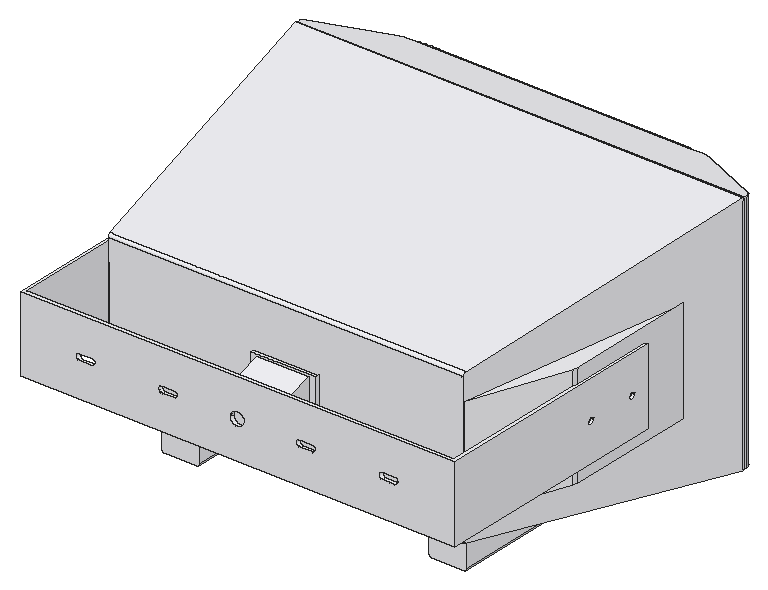
Revit family "EVID-S10.1D", category Communication Devices, Revit 2017
Family settings
  Maintain Annotation Orientation = Yes
  Round Connector Dimension = Use Diameter
  Part Type = Normal
  OmniClass Number = 23.85.10.11.11.21
  OmniClass Title = Speakers
  Work Plane-Based = Yes
  Always vertical = Yes
  Cut with Voids When Loaded = No
  Shared = No
  Room Calculation Point = No
Parameters (values of type "EVIDS10.1DW_Subwoofer_2x10"_Cabinet_White")
  Version = "1"
  Uniclass2015Code = "Pr_60_75_08_02"
  URL = ""
  ProductInformation = "https://www.electrovoice.com/binary/EVID-S10.1D_Subwoofer_2x10__cabinet_Datasheet_51_en_28168803851.pdf"
  PlanningTools = "https://www.electrovoice.com/product.php?id=2639"
  ModelNumber = "F.01U.332.745"
  Model = ""
  MaterialRALColour = "RAL9003"
  ManufacturerURL = "https://www.electrovoice.com"
  Manufacturer = "Electro Voice"
  LoudspeakerMaterial = 13-plyWeather-resistantBirchEVCoat -RAL9003
  Height = 360.50 mm  # constant formula
  Default Elevation = 0.00 mm
  InstallationManual = "https://www.electrovoice.com/binary/EVID-S10.1D_Subwoofer_2x10__cabinet_Datasheet_51_en_28168803851.pdf"
  IfcExportType = "IfcBuildingElementProxyType"
  IfcExportAs = "IfcBuildingElementProxy"
  Length = 650.70 mm  # constant formula
  GrillMaterial = 16GA Powder-coatedGalvanneal - W
  Disclaimer = "http://resource.boschsecurity.com/information/BIM/Disclaimer_Electrovoice.pdf"
  Description = "Two 10 inch high-excursion woofers. Carefully engineered for outdoor environments (IP54 nad IP65), without compromising performance. 400 W power handling provides for 120 dB maximum SPL (126 dB peak). 70/100 V transformer input panel accessory available. Crossover input panel accessory available."
  Depth = 490.80 mm  # constant formula
  CTN = "EVIDS10.1DW"
  ArchitectsAndEngineersSpecs = "https://www.electrovoice.com/binary/EVID-S10.1D_Subwoofer_2x10__cabinet_Datasheet_51_en_28168803851.pdf"
Types (2, lengths in mm): name | ModelNumber | MaterialRALColour | LoudspeakerMaterial | GrillMaterial | CTN
  EVIDS10.1DB_Subwoofer_2x10"_Cabinet_Black | "F.01U.332.744" | "RAL9004" | 13-plyWeather-resistantBirchEVCoat -RAL9004 | 16GA Powder-coatedGalvanneal - B | "EVIDS10.1DB"
  EVIDS10.1DW_Subwoofer_2x10"_Cabinet_White | "F.01U.332.745" | "RAL9003" | 13-plyWeather-resistantBirchEVCoat -RAL9003 | 16GA Powder-coatedGalvanneal - W | "EVIDS10.1DW"
Reference planes
  plane 1 "Center (Front/Back)": y = 0
  plane 2: z = 0
  plane 3 "Center (Left/Right)": x = 0
Forms (mm)
  Extrusion 1, solid, material "13-plyWeather-resistantBirchEVCoat -RAL9003" <- "LoudspeakerMaterial"
    sketch origin (-325.35, 0, 0) x (0, 1, 0) y (0, 0, 1)
      loop
        line (92.215, -111.294) -> (511.8, -178) -> (511.8, -175.75) -> (513.8, -175.75) -> (513.8, 175.75) -> (511.8, 175.75) -> (511.8, 178.126) -> (92.218, 111.421)
        arc (92.218, 111.421) -> (89.198, 109.728) -> (88, 106.479) r 5.003
        line (88, 106.479) -> (88, -106.356)
        arc (88, -106.356) -> (89.197, -109.602) -> (92.215, -111.294) r 5
    from 0 to 650.7
  Extrusion 2, void
    sketch origin (0, 0, -177.75) x (1, 0, 0) y (0, 1, 0)
      loop
        line (-325.35, 511.8) -> (-327.35, 511.8) -> (-327.35, 86.5) -> (-257.989, 86.5) -> (-325.35, 511.8)
      loop
        line (325.35, 511.8) -> (257.989, 86.5) -> (327.35, 86.5) -> (327.35, 511.8) -> (325.35, 511.8)
    from -1.331 to 360
  Extrusion 3, solid, material "13-plyWeather-resistantBirchEVCoat -RAL9003" <- "LoudspeakerMaterial"
    sketch origin (0, 0, -180) x (1, 0, 0) y (0, 1, 0)
      loop
        line (-325.35, 513.8) -> (325.35, 513.8) -> (325.35, 518.917)
        arc (325.35, 518.917) -> (324.178, 523.085) -> (321.007, 526.032) r 8
        line (321.007, 526.032) -> (231.122, 572.227)
        arc (231.122, 572.227) -> (222.283, 575.647) -> (212.924, 577.141) r 45
        arc (212.924, 577.141) -> (181.473, 578.385) -> (150, 578.8) r 1193.834
        line (150, 578.8) -> (-150, 578.8)
        arc (-150, 578.8) -> (-181.473, 578.385) -> (-212.924, 577.141) r 1193.834
        arc (-212.924, 577.141) -> (-222.283, 575.647) -> (-231.122, 572.227) r 45
        line (-231.122, 572.227) -> (-321.007, 526.032)
        arc (-321.007, 526.032) -> (-324.178, 523.085) -> (-325.35, 518.917) r 8
        line (-325.35, 518.917) -> (-325.35, 513.8)
    from 2.25 to 357.75
  Extrusion 4, void
    sketch origin (0, 0, 0) x (0, 1, 0) y (0, 0, 1)
      loop
        line (577.735, -167.624) -> (509.14, -178.488) -> (594.14, -178.488) -> (594.14, 178.488) -> (509.14, 178.488) -> (577.735, 167.624)
        arc (577.735, 167.624) -> (578.916, 167.135) -> (579.405, 165.954) r 1.67
        line (579.405, 165.954) -> (579.405, 162.359) -> (529.405, 162.359) -> (529.405, -162.359) -> (579.405, -162.359) -> (579.405, -165.954)
        arc (579.405, -165.954) -> (578.916, -167.135) -> (577.735, -167.624) r 1.67
    from -358.965 to 360
  Extrusion 5, solid, material "16GA Powder-coatedGalvanneal - W" <- "GrillMaterial"
    sketch origin (0, 0, 0) x (1, 0, 0) y (0, 1, 0)
      loop
        line (-310.068, 529.405) -> (-305.693, 529.405) -> (-229.293, 568.669)
        arc (-229.293, 568.669) -> (-221.275, 571.776) -> (-212.786, 573.142) r 41
        arc (-212.786, 573.142) -> (0, 574.8) -> (212.786, 573.142) r 13657.084
        arc (212.786, 573.142) -> (221.275, 571.776) -> (229.293, 568.669) r 41
        line (229.293, 568.669) -> (305.693, 529.405) -> (310.068, 529.405) -> (230.207, 570.448)
        arc (230.207, 570.448) -> (221.779, 573.712) -> (212.855, 575.141) r 43
        arc (212.855, 575.141) -> (0, 576.8) -> (-212.855, 575.141) r 13659.084
        arc (-212.855, 575.141) -> (-221.779, 573.712) -> (-230.207, 570.448) r 43
        line (-230.207, 570.448) -> (-310.068, 529.405)
    from -162.359 to 162.359
  Extrusion 6, solid, material "13-plyWeather-resistantBirchEVCoat -RAL9003" <- "LoudspeakerMaterial"
    sketch origin (0, 0, -75) x (1, 0, 0) y (0, 1, 0)
      loop
        line (-258.226, 87.998) -> (-311, 421.198) -> (-311, 229.185)
        arc (-311, 229.185) -> (-310.665, 225.54) -> (-309.672, 222.017) r 20
        line (-309.672, 222.017) -> (-258.226, 87.998)
      loop
        line (258.226, 87.998) -> (309.672, 222.017)
        arc (309.672, 222.017) -> (310.665, 225.54) -> (311, 229.185) r 20
        line (311, 229.185) -> (311, 421.198) -> (258.226, 87.998)
    from 0 to 150
  Extrusion 7, solid, material "13-plyWeather-resistantBirchEVCoat -RAL9003" <- "LoudspeakerMaterial"
    sketch origin (0, 485, 0) x (1, 0, 0) y (0, 0, 1)
      loop
        arc (-170.718, -182.374) -> (-167.889, -181.202) -> (-166.718, -178.374) r 4
        line (-166.718, -178.374) -> (-166.718, -115.832) -> (-221.718, -115.832) -> (-221.718, -178.374)
        arc (-221.718, -178.374) -> (-220.546, -181.202) -> (-217.718, -182.374) r 4
        line (-217.718, -182.374) -> (-170.718, -182.374)
      loop
        line (170.718, -182.374) -> (217.718, -182.374)
        arc (217.718, -182.374) -> (220.546, -181.202) -> (221.718, -178.374) r 4
        line (221.718, -178.374) -> (221.718, -115.832) -> (166.718, -115.832) -> (166.718, -178.374)
        arc (166.718, -178.374) -> (167.889, -181.202) -> (170.718, -182.374) r 4
    from 0 to 345
  Extrusion 8, solid, material "13-plyWeather-resistantBirchEVCoat -RAL9003" <- "LoudspeakerMaterial"
    sketch origin (-47.5, 0, 0) x (0, 1, 0) y (0, 0, 1)
      loop
        line (87.998, 35) -> (82.998, 35) -> (82.998, -35) -> (87.998, -35) -> (87.998, 35)
    from 0 to 95
  Extrusion 9, solid, material "13-plyWeather-resistantBirchEVCoat -RAL9003" <- "LoudspeakerMaterial"
    sketch origin (-37.5, 0, 0) x (0, 1, 0) y (0, 0, 1)
      loop
        arc (46.5, -2.092) -> (47.002, -4.031) -> (48.38, -5.484) r 4
        line (48.38, -5.484) -> (82.998, -27.115) -> (82.998, 32.094) -> (49.307, 21.568)
        arc (49.307, 21.568) -> (47.277, 20.119) -> (46.5, 17.75) r 4
        line (46.5, 17.75) -> (46.5, -2.092)
    from 0 to 75
  Revolve 10, solid, material "13-plyWeather-resistantBirchEVCoat -RAL9003" <- "LoudspeakerMaterial"
    sketch origin (0, 0, 0) x (0, 1, 0) y (0, 0, 1)
      loop
        line (65.689, -16.3) -> (57.74, -29.02) -> (63.123, -32.384)
        arc (63.123, -32.384) -> (65.126, -32.719) -> (66.778, -31.54) r 2.653
        line (66.778, -31.54) -> (73.321, -21.069) -> (65.689, -16.3)
      axis (65.689, -16.3) -> (57.74, -29.02)
    angle from 0 to 360
Cuts and joins
  Extrusion 2 cuts Extrusion 1
  Extrusion 4 cuts Extrusion 3
Lines and regions (mm)
  reference lines
    curve 1: line (0, 485.058, -182.374) -> (0, 485.358, -182.374)
    curve 2: line (0, 512.108, 178.126) -> (0, 512.408, 178.126)
    curve 3: line (0, 578.8, -162.359) -> (0, 578.8, -164.004)
    curve 4: line (-37.5, 46.5, 0) -> (-35.633, 46.5, 0)
Dimensions and locks
  "Height": curve 2 to curve 1
  "Depth": curve 3 to cut or joined group of Extrusion 1, Extrusion 2
  curve 3 to nested 1 = 578.80 mm
  curve 4 to cut or joined group of Extrusion 3, Extrusion 4 = 532.30 mm
  "Length": cut or joined group of Extrusion 3, Extrusion 4 to cut or joined group of Extrusion 3, Extrusion 4
  nested 1 to nested 1 = 632.00 mm
  equal spacing: cut or joined group of Extrusion 3, Extrusion 4, plane 3 "Center (Left/Right)", cut or joined group of Extrusion 3, Extrusion 4
  aligned and locked: plane 2 to level
Automatic sketch dimensions
  Extrusion 1 sketch curve to plane 1 "Center (Front/Back)" = 88.00 mm
  Extrusion 1 sketch curve to Extrusion 1 sketch curve = 4.215 mm
  Extrusion 1 sketch curve to Extrusion 1 sketch curve = 4.218 mm
  Extrusion 1 sketch curve to Extrusion 1 sketch curve = 5.00 mm
  Extrusion 1 sketch curve to Extrusion 1 sketch curve = 0.786 mm
  level to Extrusion 1 sketch curve = 178.126 mm
  Extrusion 1 sketch curve to Extrusion 1 sketch curve = 419.582 mm
  Extrusion 1 sketch curve to Extrusion 1 sketch curve = 0.00 mm
  Extrusion 1 sketch curve to Extrusion 1 sketch curve = 2.00 mm
  Extrusion 1 sketch curve to Extrusion 1 sketch curve = 2.376 mm
  level to Extrusion 1 sketch curve = 111.421 mm
  Extrusion 1 sketch curve to level = 106.356 mm
  Extrusion 1 sketch curve to level = 175.75 mm
  Extrusion 1 sketch curve to Extrusion 1 sketch curve = 2.25 mm
  Extrusion 2 sketch curve to plane 3 "Center (Left/Right)" = 327.35 mm
  Extrusion 2 sketch curve to Extrusion 2 sketch curve = 2.00 mm
  Extrusion 2 sketch curve to plane 1 "Center (Front/Back)" = 86.50 mm  (x2)
  Extrusion 2 sketch curve to Extrusion 2 sketch curve = 69.361 mm  (x2)
  plane 3 "Center (Left/Right)" to Extrusion 2 sketch curve = 257.989 mm
  plane 3 "Center (Left/Right)" to Extrusion 2 sketch curve = 325.35 mm
  Extrusion 2 sketch curve to Extrusion 2 sketch curve = 425.30 mm  (x2)
  Extrusion 3 sketch curve to plane 3 "Center (Left/Right)" = 325.35 mm
  Extrusion 3 sketch curve to Extrusion 3 sketch curve = 4.343 mm
  Extrusion 3 sketch curve to Extrusion 3 sketch curve = 3.657 mm  (x2)
  Extrusion 3 sketch curve to Extrusion 3 sketch curve = 89.885 mm
  Extrusion 3 sketch curve to Extrusion 3 sketch curve = 20.569 mm  (x2)
  Extrusion 3 sketch curve to plane 3 "Center (Left/Right)" = 150.00 mm
  plane 3 "Center (Left/Right)" to Extrusion 3 sketch curve = 150.00 mm
  Extrusion 3 sketch curve to Extrusion 3 sketch curve = 60.552 mm
  Extrusion 3 sketch curve to Extrusion 3 sketch curve = 86.228 mm
  Extrusion 3 sketch curve to Extrusion 3 sketch curve = 8.00 mm
  plane 1 "Center (Front/Back)" to Extrusion 3 sketch curve = 615.034 mm
  Extrusion 3 sketch curve to Extrusion 3 sketch curve = 0.00 mm
  Extrusion 3 sketch curve to plane 1 "Center (Front/Back)" = 513.80 mm
  Extrusion 3 sketch curve to Extrusion 3 sketch curve = 5.117 mm  (x2)
  Extrusion 3 sketch curve to Extrusion 3 sketch curve = 13.286 mm  (x2)
  Extrusion 3 sketch curve to Extrusion 3 sketch curve = 40.024 mm  (x2)
  Extrusion 3 sketch curve to Extrusion 3 sketch curve = 1.659 mm
  Extrusion 4 sketch curve to level = 178.488 mm
  Extrusion 4 sketch curve to plane 1 "Center (Front/Back)" = 509.14 mm
  level to Extrusion 4 sketch curve = 178.488 mm
  Extrusion 4 sketch curve to Extrusion 4 sketch curve = 0.00 mm
  Extrusion 4 sketch curve to Extrusion 4 sketch curve = 20.265 mm
  Extrusion 4 sketch curve to Extrusion 4 sketch curve = 48.33 mm  (x2)
  Extrusion 4 sketch curve to Extrusion 4 sketch curve = 1.67 mm  (x2)
  Extrusion 4 sketch curve to Extrusion 4 sketch curve = 14.735 mm
  Extrusion 4 sketch curve to Extrusion 4 sketch curve = 10.864 mm
  Extrusion 4 sketch curve to Extrusion 4 sketch curve = 16.129 mm  (x2)
  Extrusion 4 sketch curve to Extrusion 4 sketch curve = 3.595 mm
  Extrusion 5 sketch curve to Extrusion 5 sketch curve = 0.00 mm  (x6)
  Extrusion 5 sketch curve to plane 3 "Center (Left/Right)" = 0.00 mm
  Extrusion 5 sketch curve to plane 3 "Center (Left/Right)" = 210.552 mm
  Extrusion 5 sketch curve to Extrusion 5 sketch curve = 18.741 mm  (x2)
  Extrusion 5 sketch curve to Extrusion 5 sketch curve = 0.914 mm  (x2)
  Extrusion 5 sketch curve to Extrusion 5 sketch curve = 76.40 mm  (x2)
  Extrusion 5 sketch curve to Extrusion 5 sketch curve = 4.375 mm  (x2)
  plane 3 "Center (Left/Right)" to Extrusion 5 sketch curve = 210.552 mm
  plane 1 "Center (Front/Back)" to Extrusion 5 sketch curve = 13082.284 mm
  Extrusion 5 sketch curve to plane 1 "Center (Front/Back)" = 529.405 mm  (x2)
  Extrusion 5 sketch curve to Extrusion 5 sketch curve = 2.798 mm  (x2)
  Extrusion 5 sketch curve to Extrusion 5 sketch curve = 36.466 mm  (x2)
  Extrusion 5 sketch curve to Extrusion 5 sketch curve = 1.779 mm  (x2)
  Extrusion 5 sketch curve to Extrusion 5 sketch curve = 16.508 mm
  Extrusion 5 sketch curve to Extrusion 5 sketch curve = 0.07 mm
  Extrusion 6 sketch curve to plane 3 "Center (Left/Right)" = 311.00 mm
  Extrusion 6 sketch curve to plane 1 "Center (Front/Back)" = 222.017 mm
  Extrusion 6 sketch curve to Extrusion 6 sketch curve = 1.328 mm
  Extrusion 6 sketch curve to Extrusion 6 sketch curve = 20.00 mm  (x2)
  Extrusion 6 sketch curve to plane 1 "Center (Front/Back)" = 87.998 mm  (x2)
  Extrusion 6 sketch curve to Extrusion 6 sketch curve = 51.445 mm
  plane 3 "Center (Left/Right)" to Extrusion 6 sketch curve = 258.226 mm
  Extrusion 6 sketch curve to Extrusion 6 sketch curve = 32.774 mm
  Extrusion 6 sketch curve to Extrusion 6 sketch curve = 18.672 mm
  Extrusion 6 sketch curve to Extrusion 6 sketch curve = 134.02 mm
  Extrusion 6 sketch curve to Extrusion 6 sketch curve = 192.013 mm  (x2)
  Extrusion 7 sketch curve to plane 3 "Center (Left/Right)" = 221.718 mm
  Extrusion 7 sketch curve to Extrusion 7 sketch curve = 4.00 mm  (x3)
  Extrusion 7 sketch curve to Extrusion 7 sketch curve = 47.00 mm  (x2)
  plane 3 "Center (Left/Right)" to Extrusion 7 sketch curve = 166.718 mm
  Extrusion 7 sketch curve to Extrusion 7 sketch curve = 55.00 mm
  Extrusion 7 sketch curve to level = 182.374 mm  (x2)
  Extrusion 7 sketch curve to Extrusion 7 sketch curve = 62.542 mm  (x2)
  Extrusion 8 sketch curve to level = 35.00 mm
  Extrusion 8 sketch curve to plane 1 "Center (Front/Back)" = 82.998 mm
  Extrusion 8 sketch curve to Extrusion 8 sketch curve = 5.00 mm
  level to Extrusion 8 sketch curve = 35.00 mm
  Extrusion 9 sketch curve to plane 1 "Center (Front/Back)" = 46.50 mm
  Extrusion 9 sketch curve to level = 5.484 mm
  Extrusion 9 sketch curve to Extrusion 9 sketch curve = 1.88 mm
  level to Extrusion 9 sketch curve = 21.568 mm
  Extrusion 9 sketch curve to Extrusion 9 sketch curve = 2.807 mm
  Extrusion 9 sketch curve to level = 2.092 mm
  Extrusion 9 sketch curve to Extrusion 9 sketch curve = 4.00 mm
  Extrusion 9 sketch curve to level = 27.115 mm
  Extrusion 9 sketch curve to Extrusion 9 sketch curve = 34.617 mm
  level to Extrusion 9 sketch curve = 32.094 mm
  Revolve 10 sketch curve to plane 1 "Center (Front/Back)" = 57.74 mm
  Revolve 10 sketch curve to level = 32.384 mm
  Revolve 10 sketch curve to Revolve 10 sketch curve = 5.383 mm
  Revolve 10 sketch curve to Revolve 10 sketch curve = 1.406 mm
  Revolve 10 sketch curve to level = 16.30 mm  (x2)
  Revolve 10 sketch curve to Revolve 10 sketch curve = 1.16 mm
  Revolve 10 sketch curve to level = 31.54 mm
  Revolve 10 sketch curve to Revolve 10 sketch curve = 2.25 mm
  Revolve 10 sketch curve to Revolve 10 sketch curve = 0.00 mm  (x3)
  curve 1 to level = 182.374 mm
  curve 1 to plane 1 "Center (Front/Back)" = 485.058 mm
  curve 1 to curve 1 = 0.30 mm
  curve 1 to curve 2 = 26.75 mm
  curve 2 to curve 2 = 0.30 mm
  curve 1 to curve 3 = 93.442 mm
  curve 1 to curve 3 = 18.37 mm
  curve 3 to curve 3 = 1.645 mm
  curve 4 to plane 3 "Center (Left/Right)" = 37.50 mm
  curve 4 to plane 1 "Center (Front/Back)" = 46.50 mm
  curve 4 to curve 4 = 1.867 mm
Nested families
  nested 1: "Mounting_accessory_S10.1D" at (0, 0, 0), LoudspeakerMaterial <- "LoudspeakerMaterial", type "Mounting_accessory_S10.1D"
    with LoudspeakerMaterial 13-plyWeather-resistantBirchEVCoat -RAL9003
  nested 2: "EV-L.dwg" at (0, 576.798, 0) x (-1, 0, 0) z (0, 0, 1), type "EV-L.dwg"
Connectors
  electrical at (0, 65.689, -16.3)
    settings: on Revolve 10, index 1, voltage 0 V, apparent load 0 VA, apparent load phase1 0 VA, apparent load phase2 0 VA, apparent load phase3 0 VA, power factor 1, load classification "Other", number of poles 1, system type 31, power factor state 1, is connector primary yes, connector utility no, sub classification motor no, connector description ""
Definition of nested family "Mounting_accessory_S10.1D"
  Parameters (values of type "Mounting_accessory_S10.1D")
    LoudspeakerMaterial [instance] = none
    Default Elevation = 1219.20 mm
  Reference planes
    plane 1 "Center (Front/Back)": y = 0
    plane 2: z = 0
    plane 3 "Center (Left/Right)": x = 0
  Forms (mm)
    Extrusion 1, solid, material <- "LoudspeakerMaterial"
      sketch origin (0, 0, -55) x (1, 0, 0) y (0, 1, 0)
        loop
          line (-316, 0) -> (316, 0) -> (316, 350) -> (311, 350) -> (311, 5) -> (-311, 5) -> (-311, 350) -> (-316, 350) -> (-316, 0)
      from 0 to 110
    Extrusion 2, void
      sketch origin (0, 0, 0) x (0, 1, 0) y (0, 0, 1)
        loop
          circle (321.639, 0) r 5
        loop
          circle (247.113, 0) r 5
      from -316 to 316
    Extrusion 3, void
      sketch origin (0, 0, 0) x (1, 0, 0) y (0, 0, 1)
        loop
          circle (0, 0) r 10
        loop
          arc (211.474, 5) -> (206.474, 0) -> (211.474, -5) r 5
          line (211.474, -5) -> (229.078, -5)
          arc (229.078, -5) -> (234.078, 0) -> (229.078, 5) r 5
          line (229.078, 5) -> (211.474, 5)
        loop
          arc (91.474, 5) -> (86.474, 0) -> (91.474, -5) r 5
          line (91.474, -5) -> (109.078, -5)
          arc (109.078, -5) -> (114.078, 0) -> (109.078, 5) r 5
          line (109.078, 5) -> (91.474, 5)
        loop
          line (-211.474, 5) -> (-229.078, 5)
          arc (-229.078, 5) -> (-234.078, 0) -> (-229.078, -5) r 5
          line (-229.078, -5) -> (-211.474, -5)
          arc (-211.474, -5) -> (-206.474, 0) -> (-211.474, 5) r 5
        loop
          line (-91.474, 5) -> (-109.078, 5)
          arc (-109.078, 5) -> (-114.078, 0) -> (-109.078, -5) r 5
          line (-109.078, -5) -> (-91.474, -5)
          arc (-91.474, -5) -> (-86.474, 0) -> (-91.474, 5) r 5
      from -5 to 0
  Cuts and joins
    Extrusion 2, Extrusion 3 cuts Extrusion 1
Definition of nested family "EV-L.dwg"
  Parameters (values of type "EV-L.dwg")
    Material = ""
    Default Elevation = 1219.20 mm
  Reference planes
    plane 1 "Center (Front/Back)": y = 0
    plane 2: z = 0
    plane 3 "Center (Left/Right)": x = 0
  Forms (mm)
    Extrusion 1, solid, not visible
      sketch origin (-18.843, -0.5, -73.012) x (-1, 0, 0) y (0, 0, 1)
        loop
          arc (-29.526, 84.261) -> (-30.141, 84.007) -> (-30.395, 83.392) r 0.869
          line (-30.395, 83.392) -> (-30.395, 62.633)
          arc (-30.395, 62.633) -> (-30.141, 62.018) -> (-29.526, 61.764) r 0.869
          line (-29.526, 61.764) -> (-8.052, 61.764)
          arc (-8.052, 61.764) -> (-7.438, 62.018) -> (-7.183, 62.633) r 0.869
          line (-7.183, 62.633) -> (-7.183, 83.392)
          arc (-7.183, 83.392) -> (-7.438, 84.007) -> (-8.052, 84.261) r 0.869
          line (-8.052, 84.261) -> (-29.526, 84.261)
      from 0 to -0.5
    Extrusion 2, solid
      sketch origin (-18.843, -5, -73.012) x (-1, 0, 0) y (0, 0, 1)
        loop
          line (-29.491, 83.392) -> (-29.491, 62.633) -> (-8.043, 62.633) -> (-8.043, 83.392) -> (-29.491, 83.392)
        loop
          line (-27.027, 79.951) -> (-27.027, 69.549) -> (-20.429, 69.549) -> (-20.429, 71.809) -> (-24.55, 71.809) -> (-24.55, 73.62) -> (-20.429, 73.62) -> (-20.429, 75.88) -> (-24.55, 75.88) -> (-24.55, 77.69) -> (-20.429, 77.69) -> (-20.429, 79.951) -> (-27.027, 79.951)
        loop
          line (-19.452, 75.88) -> (-19.452, 73.62) -> (-17.856, 73.62) -> (-17.856, 65.711) -> (-15.405, 65.711) -> (-9.782, 78.26) -> (-12.45, 78.26) -> (-15.379, 71.666) -> (-15.379, 75.88) -> (-19.452, 75.88)
      from 4.5 to 5
    Extrusion 3, solid
      sketch origin (-0.107, -1, 0) x (-1, 0, 0) y (0, 0, 1)
        loop
          line (10.366, 11.293) -> (-10.467, 11.293)
          arc (-10.467, 11.293) -> (-11.304, 10.947) -> (-11.651, 10.11) r 1.184
          line (-11.651, 10.11) -> (-11.651, -10.023)
          arc (-11.651, -10.023) -> (-11.304, -10.86) -> (-10.467, -11.207) r 1.184
          line (-10.467, -11.207) -> (10.366, -11.207)
          arc (10.366, -11.207) -> (11.203, -10.86) -> (11.549, -10.023) r 1.184
          line (11.549, -10.023) -> (11.549, 10.11)
          arc (11.549, 10.11) -> (11.203, 10.947) -> (10.366, 11.293) r 1.184
      from 0 to 0.5
